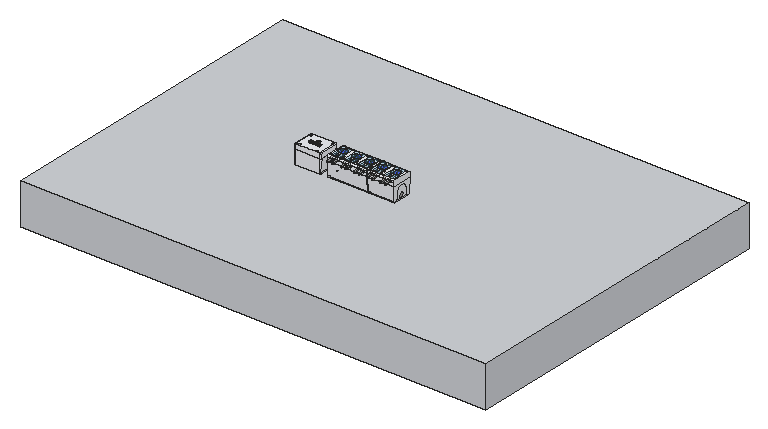
Revit family "QF_ELECTROLUXPROFESSIONAL_1LSMZW_DOSAVE", category Specialty Equipment, host Face, Revit 2014
Parameters
  OffsetPumps_4-5 [instance] = OffsetPumps + 293 mm  # 343 mm
  OffsetPumps [instance] = 50 mm
  Default Elevation = 1500 mm
Reference planes
  plane 1 "Centro (Fronte/Retro)": y = 0
  plane 2: z = 0
  plane 3 "Centro (Sinistra/Destra)": x = -2
  plane 4 "Left": x = -100
  plane 5 "Right": x = 96
  plane 6 "Display": z = 53.293
  plane 7 "Top": y = 74
  plane 8 "Low": y = -74
  plane 9 "PlanePump": z = 150.252
  plane 10 "Tube": z = 136.252
  plane 11 "DX": x = 146
  plane 12 "DX4-5": x = 439
Forms (mm)
  Extrusion 1, solid
    sketch origin (0, 0, 0) x (1, 0, 0) y (0, 1, 0)
      loop
        line (-1219.2, 1219.2) -> (-1219.2, -1219.2) -> (2232.542, -1219.2) -> (2232.542, 1219.2) -> (-1219.2, 1219.2)
    from 0 to -304.8
Dimensions and locks
  plane 7 "Top" to plane 8 "Low" = 148 mm
  plane 6 "Display" to Extrusion 1 = 53.293 mm
  plane 9 "PlanePump" to Extrusion 1 = 150.252 mm
  plane 10 "Tube" to plane 9 "PlanePump" = 14 mm
  "OffsetPumps": plane 5 "Right" to plane 11 "DX"
  "OffsetPumps_4-5": plane 5 "Right" to plane 12 "DX4-5"
  aligned and locked: Extrusion 1 to plane 2
  aligned and locked: Extrusion 1 to level
  aligned and locked: nested 1 to plane 11 "DX"
  aligned and locked: plane 12 "DX4-5" to nested 3
Automatic sketch dimensions
  Extrusion 1 sketch curve to Extrusion 1 sketch curve = 3451.742 mm
  Extrusion 1 sketch curve to Extrusion 1 sketch curve = 2438.4 mm
Nested families
  nested 1: "QF_ELECTROLUXPROFESSIONAL_EDS_3PUMPS" at (-2, 11.17, 0), type "QF_ELECTROLUXPROFESSIONAL_EDS_3PUMPS"
  nested 2: "QF_ELECTROLUXPROFESSIONAL_DOSAVE" at (0, 10.452, 0), type "QF_ELECTROLUXPROFESSIONAL_DOSAVE"
    with Show Clearance yes, OffsetPumps 0 mm
  nested 3: "QF_ELECTROLUXPROFESSIONAL_EDS_2PUMPS" at (242.5, 11.17, 0), type "QF_ELECTROLUXPROFESSIONAL_EDS_2PUMPS"
Definition of nested family "QF_ELECTROLUXPROFESSIONAL_EDS_3PUMPS"
  Parameters (values of type "QF_ELECTROLUXPROFESSIONAL_EDS_3PUMPS")
    Default Elevation = 1500 mm
  Reference planes
    plane 1 "Centro (Fronte/Retro)": y = 0
    plane 2: z = 0
    plane 3 "Centro (Sinistra/Destra)": x = 294.5
    plane 4 "Display": z = 53.293
    plane 5 "Top": y = 59.5
    plane 6 "Low": y = -59.5
    plane 7 "Left": x = 148
    plane 8 "Right": x = 441
    plane 9 "PlanePump": z = 151.252
    plane 10 "Tube": z = 136.252
    plane 11 "P1": x = 196.5
    plane 12 "P2": x = 294.5
    plane 13 "P3": x = 392.5
    plane 14 "TopBolt": z = 162.252
  Forms (mm)
    Extrusion 1, solid
      sketch origin (0, 0, 0) x (1, 0, 0) y (0, 1, 0)
        loop
          line (-1219.2, 1219.2) -> (-1219.2, -1219.2) -> (1219.2, -1219.2) -> (1219.2, 1219.2) -> (-1219.2, 1219.2)
      from 0 to -304.8
    Extrusion 2, solid, material "QF_Finishes_White"
      sketch origin (148, 0, 0) x (0, -1, 0) y (0, 0, 1)
        loop
          line (-53.719, 5) -> (76.163, 5)
          arc (76.163, 5) -> (80.332, 6.678) -> (82.176, 10.777) r 6.019
          line (82.176, 10.777) -> (86.222, 111.417) -> (-63.778, 111.417) -> (-59.732, 10.777)
          arc (-59.732, 10.777) -> (-57.888, 6.678) -> (-53.719, 5) r 6.019
      from -293 to 0
    Extrusion 3, solid, material "QF_Finishes_White"
      sketch origin (148, 0, 0) x (0, -1, 0) y (0, 0, 1)
        loop
          line (86.274, 111.417) -> (84.733, 140.828)
          arc (84.733, 140.828) -> (81.32, 148.231) -> (73.748, 151.252) r 11
          line (73.748, 151.252) -> (-51.304, 151.252)
          arc (-51.304, 151.252) -> (-58.876, 148.231) -> (-62.289, 140.828) r 11
          line (-62.289, 140.828) -> (-63.83, 111.417) -> (86.274, 111.417)
      from -293 to 0
    Extrusion 4, void
      sketch origin (148, 0, 0) x (0, -1, 0) y (0, 0, 1)
        loop
          arc (55.559, 57.996) -> (10.806, 98.293) -> (-33.948, 57.996) r 45
          line (-33.948, 57.996) -> (-36.099, 16.941) -> (-39.635, 13.406) -> (-39.635, 5) -> (61.246, 5) -> (61.246, 13.406) -> (57.711, 16.941) -> (55.559, 57.996)
      from 0 to -5
    Extrusion 5, void
      sketch origin (441, 0, 0) x (0, -1, 0) y (0, 0, 1)
        loop
          arc (55.559, 57.996) -> (10.806, 98.293) -> (-33.948, 57.996) r 45
          line (-33.948, 57.996) -> (-36.099, 16.941) -> (-39.635, 13.406) -> (-39.635, 5) -> (61.246, 5) -> (61.246, 13.406) -> (57.711, 16.941) -> (55.559, 57.996)
      from 0 to 5
    Extrusion 6, void
      sketch origin (0, 0, 151.252) x (0, -1, 0) y (1, 0, 0)
        loop
          line (86.222, 171.5) -> (86.222, 186.5) -> (28.284, 186.5)
          arc (28.284, 186.5) -> (30, 196.5) -> (28.284, 206.5) r 30
          line (28.284, 206.5) -> (86.222, 206.5) -> (86.222, 221.5) -> (16.583, 221.5)
          arc (16.583, 221.5) -> (-30, 196.5) -> (16.583, 171.5) r 30
          line (16.583, 171.5) -> (86.222, 171.5)
        loop
          circle (-38, 196.5) r 5
        loop
          line (66.003, 196.5) -> (66.003, 199.5)
          arc (66.003, 199.5) -> (64.539, 203.036) -> (61.003, 204.5) r 5
          line (61.003, 204.5) -> (40.513, 204.5)
          arc (40.513, 204.5) -> (33.183, 196.5) -> (40.513, 188.5) r 8.031
          line (40.513, 188.5) -> (61.003, 188.5)
          arc (61.003, 188.5) -> (64.539, 189.964) -> (66.003, 193.5) r 5
          line (66.003, 193.5) -> (66.003, 196.5)
        loop
          line (86.222, 269.5) -> (86.222, 284.5) -> (28.284, 284.5)
          arc (28.284, 284.5) -> (30, 294.5) -> (28.284, 304.5) r 30
          line (28.284, 304.5) -> (86.222, 304.5) -> (86.222, 319.5) -> (16.583, 319.5)
          arc (16.583, 319.5) -> (-30, 294.5) -> (16.583, 269.5) r 30
          line (16.583, 269.5) -> (86.222, 269.5)
        loop
          circle (-38, 294.5) r 5
        loop
          line (66.003, 294.5) -> (66.003, 297.5)
          arc (66.003, 297.5) -> (64.539, 301.036) -> (61.003, 302.5) r 5
          line (61.003, 302.5) -> (40.513, 302.5)
          arc (40.513, 302.5) -> (33.183, 294.5) -> (40.513, 286.5) r 8.031
          line (40.513, 286.5) -> (61.003, 286.5)
          arc (61.003, 286.5) -> (64.539, 287.964) -> (66.003, 291.5) r 5
          line (66.003, 291.5) -> (66.003, 294.5)
        loop
          line (86.222, 367.5) -> (86.222, 382.5) -> (28.284, 382.5)
          arc (28.284, 382.5) -> (30, 392.5) -> (28.284, 402.5) r 30
          line (28.284, 402.5) -> (86.222, 402.5) -> (86.222, 417.5) -> (16.583, 417.5)
          arc (16.583, 417.5) -> (-30, 392.5) -> (16.583, 367.5) r 30
          line (16.583, 367.5) -> (86.222, 367.5)
        loop
          circle (-38, 392.5) r 5
        loop
          line (66.003, 392.5) -> (66.003, 395.5)
          arc (66.003, 395.5) -> (64.539, 399.036) -> (61.003, 400.5) r 5
          line (61.003, 400.5) -> (40.513, 400.5)
          arc (40.513, 400.5) -> (33.183, 392.5) -> (40.513, 384.5) r 8.031
          line (40.513, 384.5) -> (61.003, 384.5)
          arc (61.003, 384.5) -> (64.539, 385.964) -> (66.003, 389.5) r 5
          line (66.003, 389.5) -> (66.003, 392.5)
      from 0 to -22
    Extrusion 7, solid, material "QF_Finishes_Gray"
      sketch origin (0, -59.5, 0) x (-1, 0, 0) y (0, 0, 1)
        loop
          circle (-179, 136.252) r 6
        loop
          circle (-214, 136.252) r 6
        loop
          circle (-277, 136.252) r 6
        loop
          circle (-312, 136.252) r 6
        loop
          circle (-375, 136.252) r 6
        loop
          circle (-410, 136.252) r 6
      from -61.722 to 47.876
    Extrusion 8, solid, material "QF_Finishes_Blue"
      sketch origin (0, 0, 151.252) x (0, -1, 0) y (1, 0, 0)
        loop
          circle (0, 196.5) r 27
        loop
          circle (0, 294.5) r 27
        loop
          circle (0, 392.5) r 27
      from -2.4 to -22
    Extrusion 9, solid, material "QF_Finishes_Blue"
      sketch origin (0, 0, 151.252) x (0, -1, 0) y (1, 0, 0)
        loop
          line (21.323, 213.063) -> (-26.394, 190.812)
          arc (-26.394, 190.812) -> (-24.47, 185.089) -> (-21.323, 179.937) r 27
          line (-21.323, 179.937) -> (26.394, 202.188)
          arc (26.394, 202.188) -> (24.47, 207.911) -> (21.323, 213.063) r 27
        loop
          line (21.323, 409.063) -> (-26.394, 386.812)
          arc (-26.394, 386.812) -> (-24.47, 381.089) -> (-21.323, 375.937) r 27
          line (-21.323, 375.937) -> (26.394, 398.188)
          arc (26.394, 398.188) -> (24.47, 403.911) -> (21.323, 409.063) r 27
        loop
          arc (21.323, 277.937) -> (24.47, 283.089) -> (26.394, 288.812) r 27
          line (26.394, 288.812) -> (-21.323, 311.063)
          arc (-21.323, 311.063) -> (-24.47, 305.911) -> (-26.394, 300.188) r 27
          line (-26.394, 300.188) -> (21.323, 277.937)
      from 2.767 to -2.426
    Extrusion 10, solid, material "Glass"
      sketch origin (0, 0, 151.252) x (0, -1, 0) y (1, 0, 0)
        loop
          arc (-52, 167.5) -> (-49.364, 161.136) -> (-43, 158.5) r 9
          line (-43, 158.5) -> (64, 158.5)
          arc (64, 158.5) -> (70.364, 161.136) -> (73, 167.5) r 9
          line (73, 167.5) -> (73, 225.5)
          arc (73, 225.5) -> (70.364, 231.864) -> (64, 234.5) r 9
          line (64, 234.5) -> (-43.023, 234.5)
          arc (-43.023, 234.5) -> (-49.371, 231.871) -> (-52, 225.523) r 8.977
          line (-52, 225.523) -> (-52, 167.5)
        loop
          circle (0, 196.5) r 30
        loop
          circle (-38, 196.5) r 5
        loop
          circle (40.513, 196.5) r 5
      from 0 to 2.767
    Revolve 11, solid, material "Glass"
      sketch origin (196.5, 0, 0) x (0, 1, 0) y (0, 0, 1)
        loop
          line (0, 153.019) -> (0, 160.58)
          arc (0, 160.58) -> (-15.469, 158.661) -> (-30, 153.019) r 63.298
          line (-30, 153.019) -> (0, 153.019)
        axis (0, 153.019) -> (0, 160.58)
      angle from 0 to 360
    Extrusion 12, solid, material "Glass"
      sketch origin (98, 0, 151.252) x (0, -1, 0) y (1, 0, 0)
        loop
          arc (-52, 167.5) -> (-49.364, 161.136) -> (-43, 158.5) r 9
          line (-43, 158.5) -> (64, 158.5)
          arc (64, 158.5) -> (70.364, 161.136) -> (73, 167.5) r 9
          line (73, 167.5) -> (73, 225.5)
          arc (73, 225.5) -> (70.364, 231.864) -> (64, 234.5) r 9
          line (64, 234.5) -> (-43.023, 234.5)
          arc (-43.023, 234.5) -> (-49.371, 231.871) -> (-52, 225.523) r 8.977
          line (-52, 225.523) -> (-52, 167.5)
        loop
          circle (0, 196.5) r 30
        loop
          circle (-38, 196.5) r 5
        loop
          circle (40.513, 196.5) r 5
      from 0 to 2.767
    Extrusion 13, solid, material "Glass"
      sketch origin (196, 0, 151.252) x (0, -1, 0) y (1, 0, 0)
        loop
          arc (-52, 167.5) -> (-49.364, 161.136) -> (-43, 158.5) r 9
          line (-43, 158.5) -> (64, 158.5)
          arc (64, 158.5) -> (70.364, 161.136) -> (73, 167.5) r 9
          line (73, 167.5) -> (73, 225.5)
          arc (73, 225.5) -> (70.364, 231.864) -> (64, 234.5) r 9
          line (64, 234.5) -> (-43.023, 234.5)
          arc (-43.023, 234.5) -> (-49.371, 231.871) -> (-52, 225.523) r 8.977
          line (-52, 225.523) -> (-52, 167.5)
        loop
          circle (0, 196.5) r 30
        loop
          circle (-38, 196.5) r 5
        loop
          circle (40.513, 196.5) r 5
      from 0 to 2.767
    Revolve 14, solid, material "Glass"
      sketch origin (294.5, 0, 0) x (0, 1, 0) y (0, 0, 1)
        loop
          line (0, 153.019) -> (0, 160.58)
          arc (0, 160.58) -> (-15.469, 158.661) -> (-30, 153.019) r 63.298
          line (-30, 153.019) -> (0, 153.019)
        axis (0, 153.019) -> (0, 160.58)
      angle from 0 to 360
    Revolve 15, solid, material "Glass"
      sketch origin (392.5, 0, 0) x (0, 1, 0) y (0, 0, 1)
        loop
          line (0, 159.58) -> (0, 160.58)
          arc (0, 160.58) -> (-15.469, 158.661) -> (-30, 153.019) r 63.298
          line (-30, 153.019) -> (-27.828, 153.019)
          arc (-27.828, 153.019) -> (-14.296, 157.918) -> (0, 159.58) r 62.298
        axis (0, 153.019) -> (0, 160.58)
      angle from 0 to 360
    Revolve 16, solid, material "QF_Finishes_Stainless Steel"
      sketch origin (196.5, 0, 0) x (0, 1, 0) y (0, 0, 1)
        loop
          line (43.023, 150.252) -> (43.023, 157.471)
          arc (43.023, 157.471) -> (41.143, 160.201) -> (38, 161.252) r 5.226
          line (38, 161.252) -> (38, 150.252) -> (43.023, 150.252)
        axis (38, 150.252) -> (38, 161.252)
      angle from 0 to 360
    Revolve 17, solid, material "QF_Finishes_Stainless Steel"
      sketch origin (196.5, -78.491, 0) x (0, 1, 0) y (0, 0, 1)
        loop
          line (43.023, 150.252) -> (43.023, 157.471)
          arc (43.023, 157.471) -> (41.143, 160.201) -> (38, 161.252) r 5.226
          line (38, 161.252) -> (38, 150.252) -> (43.023, 150.252)
        axis (38, 150.252) -> (38, 161.252)
      angle from 0 to 360
    Revolve 18, solid, material "QF_Finishes_Stainless Steel"
      sketch origin (294.5, 0, 0) x (0, 1, 0) y (0, 0, 1)
        loop
          line (43.023, 150.252) -> (43.023, 157.471)
          arc (43.023, 157.471) -> (41.143, 160.201) -> (38, 161.252) r 5.226
          line (38, 161.252) -> (38, 150.252) -> (43.023, 150.252)
        axis (38, 150.252) -> (38, 161.252)
      angle from 0 to 360
    Revolve 19, solid, material "QF_Finishes_Stainless Steel"
      sketch origin (294.5, 0, 0) x (0, 1, 0) y (0, 0, 1)
        loop
          line (-35.468, 150.252) -> (-35.468, 157.471)
          arc (-35.468, 157.471) -> (-37.347, 160.201) -> (-40.491, 161.252) r 5.226
          line (-40.491, 161.252) -> (-40.491, 150.252) -> (-35.468, 150.252)
        axis (-40.491, 150.252) -> (-40.491, 161.252)
      angle from 0 to 360
    Revolve 20, solid, material "QF_Finishes_Stainless Steel"
      sketch origin (392.5, 0, 0) x (0, 1, 0) y (0, 0, 1)
        loop
          line (43.023, 151.252) -> (43.023, 157.471)
          arc (43.023, 157.471) -> (41.143, 160.201) -> (38, 161.252) r 5.226
          line (38, 161.252) -> (38, 151.252) -> (43.023, 151.252)
        axis (38, 151.252) -> (38, 161.252)
      angle from 0 to 360
    Revolve 21, solid, material "QF_Finishes_Stainless Steel"
      sketch origin (392.5, 0, 0) x (0, 1, 0) y (0, 0, 1)
        loop
          line (-35.468, 151.252) -> (-35.468, 157.471)
          arc (-35.468, 157.471) -> (-37.347, 160.201) -> (-40.491, 161.252) r 5.226
          line (-40.491, 161.252) -> (-40.491, 151.252) -> (-35.468, 151.252)
        axis (-40.491, 151.252) -> (-40.491, 161.252)
      angle from 0 to 360
    Extrusion 22, solid, material "QF_Finishes_Stainless Steel"
      sketch origin (0, 0, 0) x (1, 0, 0) y (0, 1, 0)
        loop
          line (428.734, 50.33) -> (160.266, 50.33) -> (160.266, -72.33) -> (428.734, -72.33) -> (428.734, 50.33)
      from 0 to 5
    Extrusion 23, void
      sketch origin (294.5, 0, 0) x (0, 1, 0) y (0, 0, 1)
        loop
          circle (-10.806, 26.678) r 13.5
      from -141.5 to 141.5
    Extrusion 24, solid, material "QF_Finishes_Gray"
      sketch origin (294.5, 0, 0) x (0, 1, 0) y (0, 0, 1)
        loop
          circle (-10.806, 26.678) r 13.5
      from -141.5 to 141.5
    Extrusion 25, solid, material "QF_Finishes_Blue"
      sketch origin (0, 0, 151.252) x (0, -1, 0) y (1, 0, 0)
        loop
          arc (40.513, 204.5) -> (33.183, 196.5) -> (40.513, 188.5) r 8.031
          line (40.513, 188.5) -> (61.003, 188.5)
          arc (61.003, 188.5) -> (64.539, 189.964) -> (66.003, 193.5) r 5
          line (66.003, 193.5) -> (66.003, 199.5)
          arc (66.003, 199.5) -> (64.539, 203.036) -> (61.003, 204.5) r 5
          line (61.003, 204.5) -> (40.513, 204.5)
        loop
          arc (40.513, 302.5) -> (33.183, 294.5) -> (40.513, 286.5) r 8.031
          line (40.513, 286.5) -> (61.003, 286.5)
          arc (61.003, 286.5) -> (64.539, 287.964) -> (66.003, 291.5) r 5
          line (66.003, 291.5) -> (66.003, 297.5)
          arc (66.003, 297.5) -> (64.539, 301.036) -> (61.003, 302.5) r 5
          line (61.003, 302.5) -> (40.513, 302.5)
        loop
          arc (40.513, 400.5) -> (33.183, 392.5) -> (40.513, 384.5) r 8.031
          line (40.513, 384.5) -> (61.003, 384.5)
          arc (61.003, 384.5) -> (64.539, 385.964) -> (66.003, 389.5) r 5
          line (66.003, 389.5) -> (66.003, 395.5)
          arc (66.003, 395.5) -> (64.539, 399.036) -> (61.003, 400.5) r 5
          line (61.003, 400.5) -> (40.513, 400.5)
      from 0 to 1.8
  Cuts and joins
    Extrusion 4, Extrusion 5, Extrusion 6, Extrusion 23 cuts Extrusion 2
    Extrusion 6 cuts Extrusion 3
  Lines and regions (mm)
    symbolic lines
      curve 1: line (441, 0, 5) -> (441, 0, 111.417)
      curve 2: line (441, 0, 111.417) -> (441, 0, 150.252)
      curve 3: line (148, 0, 150.252) -> (148, 0, 111.417)
      curve 4: line (148, 0, 111.417) -> (148, 0, 5)
      curve 5: line (430.5, 0, 153.019) -> (354.5, 0, 153.019)
      curve 6: line (441, 0, 111.417) -> (148, 0, 111.417)
      curve 7: line (148, 0, 5) -> (441, 0, 5)
      curve 8: line (441, 0, 150.252) -> (148, 0, 150.252)
      curve 9: line (430.5, 0, 150.252) -> (430.5, 0, 153.019)
      curve 10: line (354.5, 0, 150.252) -> (354.5, 0, 153.019)
      curve 11: line (397.523, 0, 157.471) -> (387.477, 0, 157.471)
      curve 12: line (387.477, 0, 157.471) -> (387.477, 0, 153.019)
      curve 13: line (397.523, 0, 157.471) -> (397.523, 0, 153.019)
      curve 14: arc (397.523, 0, 157.471) -> (392.5, 0, 161.264) -> (387.477, 0, 157.471) r 5.222
      curve 15: arc (362.491, 0, 153.019) -> (375.749, 0, 158.344) -> (389.866, 0, 160.55) r 63.114
      curve 16: arc (395.136, 0, 160.55) -> (409.242, 0, 158.341) -> (422.491, 0, 153.019) r 63.114
      curve 17: line (332.5, 0, 153.019) -> (256.5, 0, 153.019)
      curve 18: line (332.5, 0, 150.252) -> (332.5, 0, 153.019)
      curve 19: line (256.5, 0, 150.252) -> (256.5, 0, 153.019)
      curve 20: line (299.523, 0, 157.471) -> (289.477, 0, 157.471)
      curve 21: line (289.477, 0, 157.471) -> (289.477, 0, 153.019)
      curve 22: line (299.523, 0, 157.471) -> (299.523, 0, 153.019)
      curve 23: arc (299.523, 0, 157.471) -> (294.5, 0, 161.264) -> (289.477, 0, 157.471) r 5.222
      curve 24: arc (264.491, 0, 153.019) -> (277.749, 0, 158.344) -> (291.866, 0, 160.55) r 63.114
      curve 25: arc (297.136, 0, 160.55) -> (311.242, 0, 158.341) -> (324.491, 0, 153.019) r 63.114
      curve 26: line (234.5, 0, 153.019) -> (158.5, 0, 153.019)
      curve 27: line (234.5, 0, 150.252) -> (234.5, 0, 153.019)
      curve 28: line (158.5, 0, 150.252) -> (158.5, 0, 153.019)
      curve 29: line (201.523, 0, 157.471) -> (191.477, 0, 157.471)
      curve 30: line (191.477, 0, 157.471) -> (191.477, 0, 153.019)
      curve 31: line (201.523, 0, 157.471) -> (201.523, 0, 153.019)
      curve 32: arc (201.523, 0, 157.471) -> (196.5, 0, 161.264) -> (191.477, 0, 157.471) r 5.222
      curve 33: arc (166.491, 0, 153.019) -> (179.749, 0, 158.344) -> (193.866, 0, 160.55) r 63.114
      curve 34: arc (199.136, 0, 160.55) -> (213.242, 0, 158.341) -> (226.491, 0, 153.019) r 63.114
      curve 35: line (428.734, 0, 5) -> (428.734, 0, 0)
      curve 36: line (160.266, 0, 5) -> (160.266, 0, 0)
  Dimensions and locks
    plane 4 "Display" to Extrusion 1 = 53.293 mm
    plane 9 "PlanePump" to Extrusion 1 = 151.252 mm
    plane 7 "Left" to plane 8 "Right" = 293 mm
    cut or joined group of Extrusion 3, Extrusion 6 to Extrusion 7 = 34.948 mm
    plane 9 "PlanePump" to plane 14 "TopBolt" = 11 mm
    Extrusion 1 to plane 14 "TopBolt" = 162.252 mm
    aligned and locked: plane 2 to Extrusion 1
    aligned and locked: level to Extrusion 1
    aligned and locked: cut or joined group of Extrusion 2, Extrusion 4, Extrusion 5, Extrusion 6, Extrusion 23 to plane 8 "Right"
    aligned and locked: plane 7 "Left" to cut or joined group of Extrusion 2, Extrusion 4, Extrusion 5, Extrusion 6, Extrusion 23
    aligned and locked: plane 7 "Left" to Extrusion 3
    aligned and locked: Extrusion 3 to plane 8 "Right"
Definition of nested family "QF_ELECTROLUXPROFESSIONAL_DOSAVE"
  Parameters (values of type "QF_ELECTROLUXPROFESSIONAL_DOSAVE")
    Show Clearance [instance] = yes
    OffsetPumps [instance] = 0 mm
    Default Elevation = 1500 mm
  Reference planes
    plane 1 "Centro (Fronte/Retro)": y = 0
    plane 2: z = 0
    plane 3 "Centro (Sinistra/Destra)": x = -2
    plane 4 "Left": x = -100
    plane 5 "Right": x = 95.956
    plane 6 "Display": z = 53.293
    plane 7 "Top": y = 63.6
    plane 8 "Low": y = -84.505
    plane 9 "Front": z = 145
    plane 10 "Tube": z = 107.026
  Forms (mm)
    Extrusion 1, solid
      sketch origin (0, 0, 0) x (1, 0, 0) y (0, 1, 0)
        loop
          line (-1219.2, 1219.2) -> (-1219.2, -1219.2) -> (1219.2, -1219.2) -> (1219.2, 1219.2) -> (-1219.2, 1219.2)
      from 0 to -304.8
    Extrusion 2, solid, material "QF_Finishes_White"
      sketch origin (0, 0, 0) x (1, 0, 0) y (0, 1, 0)
        loop
          line (-2.022, 63.6) -> (-2.022, -84.505) -> (85.956, -84.505)
          arc (85.956, -84.505) -> (93.027, -81.576) -> (95.956, -74.505) r 10
          line (95.956, -74.505) -> (95.956, 53.6)
          arc (95.956, 53.6) -> (93.027, 60.671) -> (85.956, 63.6) r 10
          line (85.956, 63.6) -> (-2.022, 63.6)
      from 107.026 to 145
    Extrusion 3, void
      sketch origin (0, 0, 0) x (1, 0, 0) y (0, 0, 1)
        loop
          line (95.956, 145) -> (86.374, 145)
          arc (86.374, 145) -> (91.881, 142.803) -> (94.364, 137.419) r 8
          line (94.364, 137.419) -> (95.956, 107.026) -> (95.956, 145)
      from -63.6 to 84.505
    Extrusion 4, solid, material "QF_Finishes_White"
      sketch origin (-4, 0, 0) x (-1, 0, 0) y (0, -1, 0)
        loop
          line (-2.022, -63.6) -> (85.956, -63.6)
          arc (85.956, -63.6) -> (93.027, -60.671) -> (95.956, -53.6) r 10
          line (95.956, -53.6) -> (95.956, 74.505)
          arc (95.956, 74.505) -> (93.027, 81.576) -> (85.956, 84.505) r 10
          line (85.956, 84.505) -> (-2.022, 84.505) -> (-2.022, -63.6)
      from 107.026 to 145
    Extrusion 5, void
      sketch origin (-4, 0, 0) x (-1, 0, 0) y (0, 0, -1)
        loop
          line (95.956, -145) -> (95.956, -107.026) -> (94.364, -137.419)
          arc (94.364, -137.419) -> (91.881, -142.803) -> (86.374, -145) r 8
          line (86.374, -145) -> (95.956, -145)
      from -63.6 to 84.505
    Extrusion 6, void
      sketch origin (0, 0, 148) x (1, 0, 0) y (0, 0, 1)
        loop
          line (95.956, -145) -> (95.956, -45) -> (94.373, -137.137)
          arc (94.373, -137.137) -> (91.983, -142.705) -> (86.374, -145) r 8
          line (86.374, -145) -> (95.956, -145)
      from -63.6 to 84.505
    Extrusion 7, void
      sketch origin (-4, 0, 148) x (-1, 0, 0) y (0, 0, -1)
        loop
          line (95.956, 145) -> (86.374, 145)
          arc (86.374, 145) -> (91.983, 142.705) -> (94.373, 137.137) r 8
          line (94.373, 137.137) -> (95.956, 45) -> (95.956, 145)
      from -63.6 to 84.505
    Extrusion 8, solid, material "QF_Finishes_White"
      sketch origin (0, 0, 0) x (1, 0, 0) y (0, 1, 0)
        loop
          line (-2.022, 63.6) -> (-2.022, -84.505) -> (85.956, -84.505)
          arc (85.956, -84.505) -> (93.027, -81.576) -> (95.956, -74.505) r 10
          line (95.956, -74.505) -> (95.956, 53.6)
          arc (95.956, 53.6) -> (93.027, 60.671) -> (85.956, 63.6) r 10
          line (85.956, 63.6) -> (-2.022, 63.6)
      from 107.026 to 3
    Extrusion 9, solid, material "QF_Finishes_White"
      sketch origin (-4, 0, 0) x (-1, 0, 0) y (0, -1, 0)
        loop
          line (-2.022, -63.6) -> (85.956, -63.6)
          arc (85.956, -63.6) -> (93.027, -60.671) -> (95.956, -53.6) r 10
          line (95.956, -53.6) -> (95.956, 74.505)
          arc (95.956, 74.505) -> (93.027, 81.576) -> (85.956, 84.505) r 10
          line (85.956, 84.505) -> (-2.022, 84.505) -> (-2.022, -63.6)
      from 107.026 to 3
    Extrusion 10, void
      sketch origin (0, 0, 0) x (1, 0, 0) y (0, 1, 0)
        loop
          circle (78.956, 46.6) r 5
        loop
          circle (63.956, -77.505) r 5
      from 140 to 145
    Extrusion 11, void
      sketch origin (0, 0, 0) x (1, 0, 0) y (0, 1, 0)
        loop
          circle (-82.956, 46.6) r 5
        loop
          circle (-67.956, -77.505) r 5
      from 140 to 145
    Extrusion 12, solid, material "QF_Finishes_Stainless Steel"
      sketch origin (0, 0, 145) x (0, -1, 0) y (1, 0, 0)
        loop
          line (-51.173, -83.956) -> (-47.6, -83.956) -> (-47.6, -87.529)
          arc (-47.6, -87.529) -> (-46.6, -87.637) -> (-45.6, -87.529) r 4.681
          line (-45.6, -87.529) -> (-45.6, -83.956) -> (-42.027, -83.956)
          arc (-42.027, -83.956) -> (-41.919, -82.956) -> (-42.027, -81.956) r 4.681
          line (-42.027, -81.956) -> (-45.6, -81.956) -> (-45.6, -78.383)
          arc (-45.6, -78.383) -> (-46.6, -78.275) -> (-47.6, -78.383) r 4.681
          line (-47.6, -78.383) -> (-47.6, -81.956) -> (-51.173, -81.956)
          arc (-51.173, -81.956) -> (-51.281, -82.956) -> (-51.173, -83.956) r 4.681
      from 0 to -5
    Extrusion 13, solid, material "QF_Finishes_Stainless Steel"
      sketch origin (-4, 0, 145) x (0, -1, 0) y (1, 0, 0)
        loop
          arc (-51.173, 83.956) -> (-51.281, 82.956) -> (-51.173, 81.956) r 4.681
          line (-51.173, 81.956) -> (-47.6, 81.956) -> (-47.6, 78.383)
          arc (-47.6, 78.383) -> (-46.6, 78.275) -> (-45.6, 78.383) r 4.681
          line (-45.6, 78.383) -> (-45.6, 81.956) -> (-42.027, 81.956)
          arc (-42.027, 81.956) -> (-41.919, 82.956) -> (-42.027, 83.956) r 4.681
          line (-42.027, 83.956) -> (-45.6, 83.956) -> (-45.6, 87.529)
          arc (-45.6, 87.529) -> (-46.6, 87.637) -> (-47.6, 87.529) r 4.681
          line (-47.6, 87.529) -> (-47.6, 83.956) -> (-51.173, 83.956)
      from 0 to -5
    Extrusion 14, solid, material "QF_Finishes_Stainless Steel"
      sketch origin (15, -30.905, 145) x (0, 1, 0) y (-1, 0, 0)
        loop
          arc (-51.173, 83.956) -> (-51.281, 82.956) -> (-51.173, 81.956) r 4.681
          line (-51.173, 81.956) -> (-47.6, 81.956) -> (-47.6, 78.383)
          arc (-47.6, 78.383) -> (-46.6, 78.275) -> (-45.6, 78.383) r 4.681
          line (-45.6, 78.383) -> (-45.6, 81.956) -> (-42.027, 81.956)
          arc (-42.027, 81.956) -> (-41.919, 82.956) -> (-42.027, 83.956) r 4.681
          line (-42.027, 83.956) -> (-45.6, 83.956) -> (-45.6, 87.529)
          arc (-45.6, 87.529) -> (-46.6, 87.637) -> (-47.6, 87.529) r 4.681
          line (-47.6, 87.529) -> (-47.6, 83.956) -> (-51.173, 83.956)
      from 0 to -5
    Extrusion 15, solid, material "QF_Finishes_Stainless Steel"
      sketch origin (146.956, -30.905, 145) x (0, 1, 0) y (-1, 0, 0)
        loop
          arc (-51.173, 83.956) -> (-51.281, 82.956) -> (-51.173, 81.956) r 4.681
          line (-51.173, 81.956) -> (-47.6, 81.956) -> (-47.6, 78.383)
          arc (-47.6, 78.383) -> (-46.6, 78.275) -> (-45.6, 78.383) r 4.681
          line (-45.6, 78.383) -> (-45.6, 81.956) -> (-42.027, 81.956)
          arc (-42.027, 81.956) -> (-41.919, 82.956) -> (-42.027, 83.956) r 4.681
          line (-42.027, 83.956) -> (-45.6, 83.956) -> (-45.6, 87.529)
          arc (-45.6, 87.529) -> (-46.6, 87.637) -> (-47.6, 87.529) r 4.681
          line (-47.6, 87.529) -> (-47.6, 83.956) -> (-51.173, 83.956)
      from 0 to -5
    Extrusion 16, solid, material "QF_Finishes_White"
      sketch origin (0, 0, 0) x (1, 0, 0) y (0, 1, 0)
        loop
          circle (-67.037, 30.637) r 20
        loop
          circle (63.037, 30.637) r 20
        loop
          circle (-67.037, -51.542) r 20
        loop
          circle (63.037, -51.542) r 20
      from 0 to 3
    Extrusion 17, solid, material "QF_Finishes_Black"
      sketch origin (0, 0, 145) x (0, -1, 0) y (1, 0, 0)
        loop
          spline (14.338, -41.018) -> (14.329, -41.217) -> (14.302, -41.429) -> (14.252, -41.649) -> (14.177, -41.87) -> (14.072, -42.087) -> (13.936, -42.294) -> (13.764, -42.485) -> (13.552, -42.655) -> (13.299, -42.797) -> (13, -42.905) -> (12.652, -42.975) -> (12.252, -42.999)
          line (12.252, -42.999) -> (10.477, -42.999) -> (10.477, -37.14) -> (8.214, -37.14) -> (8.214, -43) -> (4.92, -43) -> (4.92, -36.767) -> (2.663, -36.767) -> (2.663, -45.398) -> (12.149, -45.398)
          spline (12.149, -45.398) -> (12.733, -45.377) -> (13.283, -45.311) -> (13.797, -45.201) -> (14.275, -45.045) -> (14.713, -44.841) -> (15.11, -44.588) -> (15.464, -44.285) -> (15.773, -43.931) -> (16.036, -43.525) -> (16.25, -43.065) -> (16.414, -42.55) -> (16.525, -41.979)
          line (16.525, -41.979) -> (16.592, -41.038) -> (16.592, -36.6) -> (14.338, -36.6) -> (14.338, -41.018)
        loop
          line (9.245, -34.896) -> (16.596, -34.896) -> (16.596, -32.497) -> (2.66, -32.497) -> (2.66, -34.896) -> (9.245, -34.896)
        loop
          spline (11.301, -20.617) -> (10.606, -20.658) -> (9.94, -20.779) -> (9.309, -20.975) -> (8.72, -21.244) -> (8.178, -21.583) -> (7.688, -21.988) -> (7.258, -22.456) -> (6.893, -22.983) -> (6.598, -23.566) -> (6.381, -24.202) -> (6.246, -24.887) -> (6.2, -25.618)
          spline (6.2, -25.618) -> (6.243, -26.365) -> (6.371, -27.075) -> (6.58, -27.742) -> (6.867, -28.361) -> (7.229, -28.927) -> (7.662, -29.435) -> (8.163, -29.879) -> (8.73, -30.255) -> (9.359, -30.556) -> (10.046, -30.777) -> (10.788, -30.914) -> (11.583, -30.961)
          spline (11.583, -30.961) -> (12.358, -30.915) -> (13.083, -30.782) -> (13.754, -30.566) -> (14.368, -30.27) -> (14.922, -29.9) -> (15.412, -29.458) -> (15.836, -28.95) -> (16.19, -28.379) -> (16.471, -27.751) -> (16.676, -27.068) -> (16.801, -26.336) -> (16.844, -25.558)
          spline (16.844, -25.558) -> (16.835, -25.178) -> (16.806, -24.803) -> (16.756, -24.432) -> (16.683, -24.066) -> (16.585, -23.704) -> (16.46, -23.346) -> (16.306, -22.993) -> (16.121, -22.645) -> (15.903, -22.301) -> (15.652, -21.963) -> (15.363, -21.629) -> (15.036, -21.3)
          line (15.036, -21.3) -> (13.63, -22.746)
          spline (13.63, -22.746) -> (13.814, -22.937) -> (13.982, -23.128) -> (14.134, -23.322) -> (14.272, -23.521) -> (14.393, -23.726) -> (14.499, -23.938) -> (14.589, -24.161) -> (14.663, -24.394) -> (14.721, -24.641) -> (14.762, -24.903) -> (14.787, -25.181) -> (14.795, -25.477)
          spline (14.795, -25.477) -> (14.774, -25.911) -> (14.711, -26.319) -> (14.607, -26.697) -> (14.465, -27.045) -> (14.286, -27.362) -> (14.072, -27.644) -> (13.825, -27.891) -> (13.546, -28.1) -> (13.236, -28.271) -> (12.898, -28.4) -> (12.534, -28.487) -> (12.144, -28.53)
          line (12.144, -28.53) -> (12.144, -20.657) -> (11.301, -20.617)
        loop
          spline (10.457, -23.067) -> (10.161, -23.091) -> (9.875, -23.159) -> (9.604, -23.268) -> (9.349, -23.416) -> (9.114, -23.6) -> (8.901, -23.816) -> (8.713, -24.061) -> (8.553, -24.332) -> (8.424, -24.626) -> (8.328, -24.941) -> (8.269, -25.273) -> (8.248, -25.618)
          spline (8.248, -25.618) -> (8.268, -25.989) -> (8.327, -26.345) -> (8.421, -26.685) -> (8.549, -27.004) -> (8.707, -27.301) -> (8.893, -27.571) -> (9.105, -27.812) -> (9.34, -28.02) -> (9.595, -28.194) -> (9.868, -28.328) -> (10.157, -28.421) -> (10.457, -28.47)
          line (10.457, -28.47) -> (10.457, -23.067)
        loop
          spline (11.522, -16.989) -> (11.075, -16.961) -> (10.652, -16.881) -> (10.255, -16.751) -> (9.887, -16.574) -> (9.551, -16.355) -> (9.25, -16.095) -> (8.987, -15.799) -> (8.765, -15.468) -> (8.587, -15.108) -> (8.457, -14.72) -> (8.376, -14.308) -> (8.349, -13.876)
          spline (8.349, -13.876) -> (8.357, -13.61) -> (8.382, -13.356) -> (8.422, -13.113) -> (8.479, -12.879) -> (8.551, -12.655) -> (8.637, -12.44) -> (8.739, -12.233) -> (8.854, -12.034) -> (8.984, -11.842) -> (9.127, -11.657) -> (9.284, -11.479) -> (9.453, -11.305)
          line (9.453, -11.305) -> (7.907, -9.819)
          spline (7.907, -9.819) -> (7.611, -10.115) -> (7.345, -10.419) -> (7.108, -10.732) -> (6.9, -11.054) -> (6.72, -11.383) -> (6.566, -11.719) -> (6.438, -12.063) -> (6.336, -12.413) -> (6.257, -12.77) -> (6.202, -13.133) -> (6.17, -13.502) -> (6.159, -13.876)
          spline (6.159, -13.876) -> (6.206, -14.625) -> (6.342, -15.343) -> (6.562, -16.023) -> (6.862, -16.659) -> (7.237, -17.244) -> (7.681, -17.772) -> (8.189, -18.236) -> (8.757, -18.63) -> (9.379, -18.948) -> (10.051, -19.183) -> (10.767, -19.328) -> (11.522, -19.378)
          spline (11.522, -19.378) -> (12.277, -19.328) -> (12.993, -19.183) -> (13.664, -18.948) -> (14.287, -18.63) -> (14.854, -18.236) -> (15.363, -17.772) -> (15.807, -17.244) -> (16.181, -16.659) -> (16.481, -16.023) -> (16.702, -15.343) -> (16.838, -14.625) -> (16.884, -13.876)
          spline (16.884, -13.876) -> (16.874, -13.502) -> (16.841, -13.133) -> (16.786, -12.77) -> (16.708, -12.413) -> (16.605, -12.063) -> (16.477, -11.719) -> (16.324, -11.383) -> (16.143, -11.054) -> (15.935, -10.732) -> (15.699, -10.419) -> (15.433, -10.115) -> (15.137, -9.819)
          line (15.137, -9.819) -> (13.59, -11.305)
          spline (13.59, -11.305) -> (13.76, -11.479) -> (13.916, -11.657) -> (14.059, -11.842) -> (14.189, -12.034) -> (14.305, -12.233) -> (14.406, -12.44) -> (14.493, -12.655) -> (14.565, -12.879) -> (14.621, -13.113) -> (14.662, -13.356) -> (14.687, -13.61) -> (14.695, -13.876)
          spline (14.695, -13.876) -> (14.667, -14.308) -> (14.587, -14.72) -> (14.456, -15.108) -> (14.278, -15.468) -> (14.057, -15.799) -> (13.794, -16.095) -> (13.493, -16.355) -> (13.157, -16.574) -> (12.789, -16.751) -> (12.391, -16.881) -> (11.968, -16.961) -> (11.522, -16.989)
        loop
          spline (14.341, -3.702) -> (14.344, -3.914) -> (14.328, -4.14) -> (14.289, -4.376) -> (14.223, -4.615) -> (14.125, -4.852) -> (13.993, -5.08) -> (13.823, -5.293) -> (13.609, -5.485) -> (13.349, -5.651) -> (13.039, -5.784) -> (12.675, -5.879) -> (12.252, -5.929)
          line (12.252, -5.929) -> (8.698, -5.929) -> (8.698, -3.747) -> (6.518, -3.747) -> (6.518, -5.926) -> (2.66, -5.926) -> (2.66, -8.325) -> (12.389, -8.325)
          spline (12.389, -8.325) -> (12.953, -8.274) -> (13.484, -8.181) -> (13.979, -8.045) -> (14.438, -7.866) -> (14.857, -7.642) -> (15.236, -7.372) -> (15.571, -7.055) -> (15.863, -6.689) -> (16.108, -6.275) -> (16.306, -5.81) -> (16.454, -5.293) -> (16.55, -4.724)
          line (16.55, -4.724) -> (16.596, -3.711) -> (14.341, -3.702)
        loop
          spline (6.378, 4.37) -> (6.353, 3.955) -> (6.36, 3.555) -> (6.399, 3.172) -> (6.47, 2.807) -> (6.57, 2.46) -> (6.698, 2.134) -> (6.855, 1.828) -> (7.038, 1.544) -> (7.247, 1.283) -> (7.481, 1.047) -> (7.738, 0.836) -> (8.017, 0.651)
          line (8.017, 0.651) -> (6.519, 0.651) -> (6.519, -1.728) -> (16.595, -1.728) -> (16.595, 0.651) -> (11.297, 0.651)
          spline (11.297, 0.651) -> (10.895, 0.673) -> (10.521, 0.737) -> (10.175, 0.843) -> (9.859, 0.987) -> (9.576, 1.17) -> (9.325, 1.388) -> (9.109, 1.642) -> (8.929, 1.928) -> (8.786, 2.245) -> (8.682, 2.592) -> (8.619, 2.968) -> (8.598, 3.37)
          line (8.598, 3.37) -> (8.698, 4.37) -> (6.378, 4.37)
        loop
          spline (11.557, 15.734) -> (10.818, 15.684) -> (10.113, 15.538) -> (9.449, 15.302) -> (8.831, 14.984) -> (8.265, 14.589) -> (7.756, 14.125) -> (7.309, 13.597) -> (6.932, 13.012) -> (6.628, 12.377) -> (6.404, 11.698) -> (6.266, 10.983) -> (6.219, 10.236)
          spline (6.219, 10.236) -> (6.266, 9.485) -> (6.404, 8.766) -> (6.628, 8.086) -> (6.932, 7.451) -> (7.309, 6.866) -> (7.756, 6.339) -> (8.265, 5.876) -> (8.831, 5.483) -> (9.449, 5.166) -> (10.113, 4.932) -> (10.818, 4.787) -> (11.557, 4.737)
          spline (11.557, 4.737) -> (12.296, 4.787) -> (13, 4.932) -> (13.664, 5.166) -> (14.282, 5.483) -> (14.849, 5.876) -> (15.358, 6.339) -> (15.804, 6.866) -> (16.182, 7.451) -> (16.486, 8.086) -> (16.71, 8.766) -> (16.848, 9.485) -> (16.895, 10.236)
          spline (16.895, 10.236) -> (16.848, 10.983) -> (16.71, 11.698) -> (16.486, 12.377) -> (16.182, 13.012) -> (15.804, 13.597) -> (15.358, 14.125) -> (14.849, 14.589) -> (14.282, 14.984) -> (13.664, 15.302) -> (13, 15.538) -> (12.296, 15.684) -> (11.557, 15.734)
        loop
          spline (11.557, 13.354) -> (11.121, 13.327) -> (10.705, 13.246) -> (10.312, 13.115) -> (9.947, 12.937) -> (9.612, 12.716) -> (9.31, 12.455) -> (9.045, 12.158) -> (8.821, 11.827) -> (8.641, 11.466) -> (8.508, 11.078) -> (8.426, 10.667) -> (8.398, 10.236)
          spline (8.398, 10.236) -> (8.426, 9.801) -> (8.508, 9.387) -> (8.641, 8.998) -> (8.821, 8.637) -> (9.045, 8.306) -> (9.31, 8.009) -> (9.612, 7.75) -> (9.947, 7.531) -> (10.312, 7.355) -> (10.705, 7.225) -> (11.121, 7.145) -> (11.557, 7.117)
          spline (11.557, 7.117) -> (11.993, 7.145) -> (12.409, 7.225) -> (12.801, 7.355) -> (13.167, 7.531) -> (13.502, 7.75) -> (13.804, 8.009) -> (14.069, 8.306) -> (14.293, 8.637) -> (14.473, 8.998) -> (14.606, 9.387) -> (14.688, 9.801) -> (14.716, 10.236)
          spline (14.716, 10.236) -> (14.688, 10.667) -> (14.606, 11.078) -> (14.473, 11.466) -> (14.293, 11.827) -> (14.069, 12.158) -> (13.804, 12.455) -> (13.502, 12.716) -> (13.167, 12.937) -> (12.801, 13.115) -> (12.409, 13.246) -> (11.993, 13.327) -> (11.557, 13.354)
        loop
          line (9.005, 17.21) -> (16.596, 17.21) -> (16.596, 19.61) -> (2.66, 19.61) -> (2.66, 17.21) -> (9.005, 17.21)
        loop
          line (6.519, 28.263) -> (12.376, 28.263)
          spline (12.376, 28.263) -> (12.757, 28.244) -> (13.1, 28.187) -> (13.407, 28.096) -> (13.678, 27.973) -> (13.914, 27.818) -> (14.116, 27.636) -> (14.284, 27.427) -> (14.42, 27.194) -> (14.525, 26.938) -> (14.598, 26.664) -> (14.642, 26.371) -> (14.656, 26.063)
          spline (14.656, 26.063) -> (14.642, 25.755) -> (14.598, 25.463) -> (14.525, 25.188) -> (14.421, 24.933) -> (14.286, 24.7) -> (14.118, 24.491) -> (13.918, 24.309) -> (13.684, 24.154) -> (13.416, 24.031) -> (13.112, 23.94) -> (12.773, 23.883) -> (12.397, 23.864)
          line (12.397, 23.864) -> (6.519, 23.864) -> (6.519, 21.445) -> (12.597, 21.445)
          spline (12.597, 21.445) -> (13.286, 21.487) -> (13.912, 21.612) -> (14.477, 21.812) -> (14.981, 22.081) -> (15.424, 22.415) -> (15.806, 22.807) -> (16.128, 23.25) -> (16.391, 23.74) -> (16.595, 24.27) -> (16.74, 24.835) -> (16.827, 25.428) -> (16.856, 26.044)
          spline (16.856, 26.044) -> (16.826, 26.664) -> (16.739, 27.262) -> (16.591, 27.831) -> (16.385, 28.366) -> (16.118, 28.86) -> (15.791, 29.307) -> (15.403, 29.702) -> (14.954, 30.039) -> (14.443, 30.311) -> (13.87, 30.513) -> (13.235, 30.638) -> (12.537, 30.681)
          line (12.537, 30.681) -> (6.519, 30.681) -> (6.519, 28.263)
        loop
          line (13.373, 39.759) -> (11.257, 38.246) -> (8.705, 40.12) -> (6.519, 41.725) -> (6.519, 39.106) -> (9.538, 36.926) -> (6.519, 34.727) -> (6.519, 32.128) -> (8.557, 33.618) -> (11.277, 35.607) -> (14.179, 33.523) -> (16.596, 31.788) -> (16.596, 34.367) -> (13.036, 36.926) -> (16.596, 39.485) -> (16.596, 42.064) -> (13.373, 39.759)
        loop
          line (18.788, -44.049) -> (18.788, -45.905) -> (23.605, -45.905) -> (23.605, -44.915) -> (21.973, -44.915) -> (21.973, -44.049)
          arc (21.973, -44.049) -> (20.38, -42.456) -> (18.788, -44.049) r 1.592
        loop
          line (19.698, -44.089) -> (19.698, -44.915) -> (21.062, -44.915) -> (21.062, -44.089)
          arc (21.062, -44.089) -> (20.38, -43.407) -> (19.698, -44.089) r 0.682
        loop
          line (18.788, -36.49) -> (18.788, -38.38) -> (23.605, -38.38) -> (23.605, -37.389) -> (21.946, -37.389) -> (22.097, -36.6) -> (23.605, -35.684) -> (23.605, -34.56) -> (21.702, -35.716)
          arc (21.702, -35.716) -> (21.139, -35.112) -> (20.341, -34.901) r 1.487
          arc (20.341, -34.901) -> (19.24, -35.379) -> (18.788, -36.49) r 1.59
        loop
          arc (21.042, -36.577) -> (20.402, -35.904) -> (19.698, -36.51) r 0.674
          line (19.698, -36.51) -> (19.698, -37.389) -> (21.042, -37.389) -> (21.042, -36.577)
        loop
          circle (21.196, -28.41) r 2.502
        loop
          circle (21.196, -28.41) r 1.588
        loop
          line (18.788, -21.764) -> (23.605, -21.764) -> (23.605, -20.773) -> (21.625, -20.773) -> (21.625, -18.961) -> (20.714, -18.961) -> (20.714, -20.773) -> (19.698, -20.773) -> (19.698, -18.787) -> (18.788, -18.787) -> (18.788, -21.764)
        loop
          line (18.788, -14.7) -> (22.043, -14.7)
          arc (22.043, -14.7) -> (23.146, -14.256) -> (23.605, -13.158) r 1.542
          line (23.605, -13.158) -> (23.605, -11.602) -> (22.695, -11.602) -> (22.695, -13.118)
          arc (22.695, -13.118) -> (22.209, -13.573) -> (21.558, -13.71) r 1.234
          line (21.558, -13.71) -> (21.558, -11.783) -> (20.647, -11.783) -> (20.647, -13.71) -> (19.698, -13.71) -> (19.698, -11.649) -> (18.788, -11.649) -> (18.788, -14.7)
        loop
          line (20.051, -5.123) -> (19.563, -4.411)
          arc (19.563, -4.411) -> (18.92, -5.071) -> (18.708, -5.968) r 1.725
          arc (18.708, -5.968) -> (18.827, -6.564) -> (19.129, -7.093) r 1.911
          arc (19.129, -7.093) -> (19.43, -7.343) -> (19.805, -7.455) r 0.981
          arc (19.805, -7.455) -> (20.243, -7.444) -> (20.668, -7.334) r 1.921
          arc (20.668, -7.334) -> (21.132, -6.905) -> (21.426, -6.345) r 1.866
          arc (21.426, -6.345) -> (21.747, -5.57) -> (22.523, -5.249) r 1.097
          arc (22.523, -5.249) -> (22.775, -5.79) -> (22.667, -6.377) r 0.983
          arc (22.667, -6.377) -> (22.433, -6.784) -> (22.039, -7.04) r 1
          line (22.039, -7.04) -> (22.514, -7.796)
          arc (22.514, -7.796) -> (23.009, -7.497) -> (23.387, -7.058) r 1.853
          arc (23.387, -7.058) -> (23.625, -6.503) -> (23.685, -5.902) r 1.997
          arc (23.685, -5.902) -> (23.537, -5.16) -> (23.182, -4.491) r 2.609
          arc (23.182, -4.491) -> (22.396, -4.195) -> (21.57, -4.348) r 1.567
          arc (21.57, -4.348) -> (21.19, -4.677) -> (20.915, -5.099) r 1.816
          arc (20.915, -5.099) -> (20.677, -5.632) -> (20.472, -6.178) r 9.567
          arc (20.472, -6.178) -> (19.981, -6.494) -> (19.617, -6.038) r 0.436
          arc (19.617, -6.038) -> (19.729, -5.53) -> (20.051, -5.123) r 1.159
        loop
          line (20.051, 2.155) -> (19.563, 2.866)
          arc (19.563, 2.866) -> (18.92, 2.207) -> (18.708, 1.31) r 1.725
          arc (18.708, 1.31) -> (18.827, 0.714) -> (19.129, 0.185) r 1.911
          arc (19.129, 0.185) -> (19.43, -0.065) -> (19.805, -0.177) r 0.981
          arc (19.805, -0.177) -> (20.243, -0.166) -> (20.668, -0.056) r 1.921
          arc (20.668, -0.056) -> (21.132, 0.373) -> (21.426, 0.932) r 1.866
          arc (21.426, 0.932) -> (21.747, 1.708) -> (22.523, 2.029) r 1.097
          arc (22.523, 2.029) -> (22.775, 1.488) -> (22.667, 0.901) r 0.983
          arc (22.667, 0.901) -> (22.433, 0.493) -> (22.039, 0.238) r 1
          line (22.039, 0.238) -> (22.514, -0.519)
          arc (22.514, -0.519) -> (23.009, -0.219) -> (23.387, 0.219) r 1.853
          arc (23.387, 0.219) -> (23.625, 0.775) -> (23.685, 1.375) r 1.997
          arc (23.685, 1.375) -> (23.537, 2.118) -> (23.182, 2.787) r 2.609
          arc (23.182, 2.787) -> (22.396, 3.082) -> (21.57, 2.93) r 1.567
          arc (21.57, 2.93) -> (21.19, 2.6) -> (20.915, 2.179) r 1.816
          arc (20.915, 2.179) -> (20.677, 1.646) -> (20.472, 1.099) r 9.567
          arc (20.472, 1.099) -> (19.981, 0.783) -> (19.617, 1.24) r 0.436
          arc (19.617, 1.24) -> (19.729, 1.747) -> (20.051, 2.155) r 1.159
        loop
          line (18.788, 7.18) -> (23.605, 7.18) -> (23.605, 8.171) -> (18.788, 8.171) -> (18.788, 7.18)
        loop
          circle (21.196, 14.85) r 1.498
        loop
          circle (21.196, 14.85) r 2.502
        loop
          line (23.605, 21.495) -> (23.605, 22.496) -> (20.576, 22.496) -> (23.605, 24.7) -> (23.605, 25.663) -> (18.788, 25.663) -> (18.788, 24.662) -> (21.908, 24.662) -> (18.788, 22.459) -> (18.788, 21.495) -> (23.605, 21.495)
        loop
          line (23.605, 30.657) -> (22.566, 31.127) -> (22.566, 32.909) -> (23.605, 33.378) -> (23.605, 34.442) -> (18.634, 32.018) -> (23.605, 29.594) -> (23.605, 30.657)
        loop
          line (20.589, 32.018) -> (21.577, 31.571) -> (21.577, 32.464) -> (20.589, 32.018)
        loop
          line (22.695, 39.362) -> (18.788, 39.362) -> (18.788, 38.372) -> (23.605, 38.372) -> (23.605, 41.215) -> (22.695, 41.215) -> (22.695, 39.362)
        loop
          line (0.62, -12.484) -> (0.62, 8.484) -> (-20.319, 8.484) -> (-20.319, -12.484) -> (0.62, -12.484)
        loop
          line (-19.291, 0.8) -> (-0.451, 0.8)
          arc (-0.451, 0.8) -> (-9.871, 7.764) -> (-19.291, 0.8) r 9.853
        loop
          line (-17.927, -0.158) -> (-19.291, -0.158)
          arc (-19.291, -0.158) -> (-17.51, -7.994) -> (-10.417, -11.769) r 9.656
          line (-10.417, -11.769) -> (-10.417, -8.652)
          arc (-10.417, -8.652) -> (-12.677, -3.084) -> (-17.927, -0.158) r 9.051
        loop
          arc (-9.325, -11.769) -> (-2.173, -8) -> (-0.209, -0.158) r 9.909
          line (-0.209, -0.158) -> (-1.815, -0.158)
          arc (-1.815, -0.158) -> (-7.065, -3.084) -> (-9.325, -8.652) r 9.051
          line (-9.325, -8.652) -> (-9.325, -11.769)
      from 0 to 1.6
  Cuts and joins
    Extrusion 3, Extrusion 5, Extrusion 6, Extrusion 7, Extrusion 10, Extrusion 11 cuts Extrusion 2
    Extrusion 5, Extrusion 6, Extrusion 7, Extrusion 11 cuts Extrusion 4
    joined: Extrusion 2, Extrusion 4
    Extrusion 6, Extrusion 10 cuts Extrusion 8
    Extrusion 7, Extrusion 10 cuts Extrusion 9
    joined: Extrusion 8, Extrusion 9
  Lines and regions (mm)
    symbolic lines
      curve 1: arc (86.374, 0, 145) -> (91.881, 0, 142.803) -> (94.364, 0, 137.419) r 8
      curve 2: line (86.374, 0, 145) -> (-90.374, 0, 145)
      curve 3: arc (-98.364, 0, 137.419) -> (-95.881, 0, 142.803) -> (-90.374, 0, 145) r 8
      curve 4: line (94.364, 0, 137.419) -> (95.956, 0, 107.026)
      curve 5: line (95.956, 0, 107.026) -> (-99.956, 0, 107.026)
      curve 6: line (-99.956, 0, 107.026) -> (-98.364, 0, 137.419)
      curve 7: line (-98.373, 0, 10.863) -> (-99.956, 0, 103)
      curve 8: line (95.956, 0, 103) -> (94.373, 0, 10.863)
      curve 9: arc (94.373, 0, 10.863) -> (91.983, 0, 5.295) -> (86.374, 0, 3) r 8
      curve 10: line (-90.374, 0, 3) -> (86.374, 0, 3)
      curve 11: arc (-90.374, 0, 3) -> (-95.983, 0, 5.295) -> (-98.373, 0, 10.863) r 8
      curve 12: line (83.037, 0, 3) -> (83.037, 0, 0)
      curve 13: line (43.037, 0, 3) -> (43.037, 0, 0)
      curve 14: line (-87.037, 0, 3) -> (-87.037, 0, 0)
      curve 15: line (-47.037, 0, 3) -> (-47.037, 0, 0)
      curve 16: line (95.956, 0, 107.026) -> (95.956, 0, 103)
      curve 17: line (-99.956, 0, 107.026) -> (-99.956, 0, 103)
  Dimensions and locks
    plane 7 "Top" to plane 8 "Low" = 148.105 mm
    plane 6 "Display" to Extrusion 1 = 53.293 mm
    plane 9 "Front" to Extrusion 1 = 145 mm
    plane 10 "Tube" to plane 9 "Front" = 37.974 mm
    plane 4 "Left" to plane 5 "Right" = 195.956 mm
    level to plane 9 "Front" = 145 mm
    aligned and locked: plane 2 to Extrusion 1
    aligned and locked: level to Extrusion 1
    aligned and locked: Extrusion 2 sketch curve to plane 7 "Top"
    aligned and locked: Extrusion 2 sketch curve to plane 8 "Low"
    aligned and locked: plane 5 "Right" to Extrusion 2 sketch curve
Definition of nested family "QF_ELECTROLUXPROFESSIONAL_EDS_2PUMPS"
  Parameters (values of type "QF_ELECTROLUXPROFESSIONAL_EDS_2PUMPS")
    Default Elevation = 1500 mm
  Reference planes
    plane 1 "Centro (Fronte/Retro)": y = 0
    plane 2: z = 0
    plane 3 "Centro (Sinistra/Destra)": x = 294.5
    plane 4 "Display": z = 53.293
    plane 5 "Top": y = 59.5
    plane 6 "Low": y = -59.5
    plane 7 "Left": x = 196.5
    plane 8 "Right": x = 392.5
    plane 9 "PlanePump": z = 151.252
    plane 10 "Tube": z = 136.252
    plane 11 "P1": x = 245
    plane 12 "P2": x = 294.5
    plane 13 "P3": x = 344
    plane 14 "TopBolt": z = 162.252
  Forms (mm)
    Extrusion 1, solid
      sketch origin (0, 0, 0) x (1, 0, 0) y (0, 1, 0)
        loop
          line (-1219.2, 1219.2) -> (-1219.2, -1219.2) -> (1219.2, -1219.2) -> (1219.2, 1219.2) -> (-1219.2, 1219.2)
      from 0 to -304.8
    Extrusion 2, solid, material "QF_Finishes_White"
      sketch origin (196.5, 0, 0) x (0, -1, 0) y (0, 0, 1)
        loop
          line (-53.719, 5) -> (76.163, 5)
          arc (76.163, 5) -> (80.332, 6.678) -> (82.176, 10.777) r 6.019
          line (82.176, 10.777) -> (86.222, 111.417) -> (-63.778, 111.417) -> (-59.732, 10.777)
          arc (-59.732, 10.777) -> (-57.888, 6.678) -> (-53.719, 5) r 6.019
      from -196 to 0
    Extrusion 3, solid, material "QF_Finishes_White"
      sketch origin (196.5, 0, 0) x (0, -1, 0) y (0, 0, 1)
        loop
          line (86.274, 111.417) -> (84.733, 140.828)
          arc (84.733, 140.828) -> (81.32, 148.231) -> (73.748, 151.252) r 11
          line (73.748, 151.252) -> (-51.304, 151.252)
          arc (-51.304, 151.252) -> (-58.876, 148.231) -> (-62.289, 140.828) r 11
          line (-62.289, 140.828) -> (-63.83, 111.417) -> (86.274, 111.417)
      from -196 to 0
    Extrusion 4, void
      sketch origin (196.5, 0, 0) x (0, -1, 0) y (0, 0, 1)
        loop
          arc (55.559, 57.996) -> (10.806, 98.293) -> (-33.948, 57.996) r 45
          line (-33.948, 57.996) -> (-36.099, 16.941) -> (-39.635, 13.406) -> (-39.635, 5) -> (61.246, 5) -> (61.246, 13.406) -> (57.711, 16.941) -> (55.559, 57.996)
      from 0 to -5
    Extrusion 5, void
      sketch origin (392.5, 0, 0) x (0, -1, 0) y (0, 0, 1)
        loop
          arc (55.559, 57.996) -> (10.806, 98.293) -> (-33.948, 57.996) r 45
          line (-33.948, 57.996) -> (-36.099, 16.941) -> (-39.635, 13.406) -> (-39.635, 5) -> (61.246, 5) -> (61.246, 13.406) -> (57.711, 16.941) -> (55.559, 57.996)
      from 0 to 5
    Extrusion 6, solid, material "QF_Finishes_Gray"
      sketch origin (0, -59.5, 0) x (-1, 0, 0) y (0, 0, 1)
        loop
          circle (-227.5, 136.252) r 6
        loop
          circle (-262.5, 136.252) r 6
        loop
          circle (-326.5, 136.252) r 6
        loop
          circle (-361.5, 136.252) r 6
      from -61.722 to 47.876
    Extrusion 7, solid, material "QF_Finishes_Blue"
      sketch origin (0, 0, 151.252) x (0, -1, 0) y (1, 0, 0)
        loop
          circle (0, 245) r 27
        loop
          circle (0, 344) r 27
      from -2.4 to -22
    Extrusion 8, solid, material "QF_Finishes_Blue"
      sketch origin (0, 0, 151.252) x (0, -1, 0) y (1, 0, 0)
        loop
          line (21.323, 261.563) -> (-26.394, 239.312)
          arc (-26.394, 239.312) -> (-24.47, 233.589) -> (-21.323, 228.437) r 27
          line (-21.323, 228.437) -> (26.394, 250.688)
          arc (26.394, 250.688) -> (24.47, 256.411) -> (21.323, 261.563) r 27
        loop
          line (21.323, 360.563) -> (-26.394, 338.312)
          arc (-26.394, 338.312) -> (-24.47, 332.589) -> (-21.323, 327.437) r 27
          line (-21.323, 327.437) -> (26.394, 349.688)
          arc (26.394, 349.688) -> (24.47, 355.411) -> (21.323, 360.563) r 27
      from 2.767 to -2.426
    Extrusion 9, solid, material "Glass"
      sketch origin (48.5, 0, 151.252) x (0, -1, 0) y (1, 0, 0)
        loop
          arc (-52, 167.5) -> (-49.364, 161.136) -> (-43, 158.5) r 9
          line (-43, 158.5) -> (64, 158.5)
          arc (64, 158.5) -> (70.364, 161.136) -> (73, 167.5) r 9
          line (73, 167.5) -> (73, 225.5)
          arc (73, 225.5) -> (70.364, 231.864) -> (64, 234.5) r 9
          line (64, 234.5) -> (-43.023, 234.5)
          arc (-43.023, 234.5) -> (-49.371, 231.871) -> (-52, 225.523) r 8.977
          line (-52, 225.523) -> (-52, 167.5)
        loop
          circle (0, 196.5) r 30
        loop
          circle (-38, 196.5) r 5
        loop
          circle (40.513, 196.5) r 5
      from 0 to 2.767
    Revolve 10, solid, material "Glass"
      sketch origin (245, 0, 0) x (0, 1, 0) y (0, 0, 1)
        loop
          line (0, 153.019) -> (0, 160.58)
          arc (0, 160.58) -> (-15.469, 158.661) -> (-30, 153.019) r 63.298
          line (-30, 153.019) -> (0, 153.019)
        axis (0, 153.019) -> (0, 160.58)
      angle from 0 to 360
    Extrusion 11, solid, material "Glass"
      sketch origin (147.5, 0, 151.252) x (0, -1, 0) y (1, 0, 0)
        loop
          arc (-52, 167.5) -> (-49.364, 161.136) -> (-43, 158.5) r 9
          line (-43, 158.5) -> (64, 158.5)
          arc (64, 158.5) -> (70.364, 161.136) -> (73, 167.5) r 9
          line (73, 167.5) -> (73, 225.5)
          arc (73, 225.5) -> (70.364, 231.864) -> (64, 234.5) r 9
          line (64, 234.5) -> (-43.023, 234.5)
          arc (-43.023, 234.5) -> (-49.371, 231.871) -> (-52, 225.523) r 8.977
          line (-52, 225.523) -> (-52, 167.5)
        loop
          circle (0, 196.5) r 30
        loop
          circle (-38, 196.5) r 5
        loop
          circle (40.513, 196.5) r 5
      from 0 to 2.767
    Revolve 12, solid, material "Glass"
      sketch origin (344, 0, 0) x (0, 1, 0) y (0, 0, 1)
        loop
          line (0, 159.58) -> (0, 160.58)
          arc (0, 160.58) -> (-15.469, 158.661) -> (-30, 153.019) r 63.298
          line (-30, 153.019) -> (-27.828, 153.019)
          arc (-27.828, 153.019) -> (-14.296, 157.918) -> (0, 159.58) r 62.298
        axis (0, 153.019) -> (0, 160.58)
      angle from 0 to 360
    Revolve 13, solid, material "QF_Finishes_Stainless Steel"
      sketch origin (245, 0, 0) x (0, 1, 0) y (0, 0, 1)
        loop
          line (43.023, 150.252) -> (43.023, 157.471)
          arc (43.023, 157.471) -> (41.143, 160.201) -> (38, 161.252) r 5.226
          line (38, 161.252) -> (38, 150.252) -> (43.023, 150.252)
        axis (38, 150.252) -> (38, 161.252)
      angle from 0 to 360
    Revolve 14, solid, material "QF_Finishes_Stainless Steel"
      sketch origin (245, -78.491, 0) x (0, 1, 0) y (0, 0, 1)
        loop
          line (43.023, 150.252) -> (43.023, 157.471)
          arc (43.023, 157.471) -> (41.143, 160.201) -> (38, 161.252) r 5.226
          line (38, 161.252) -> (38, 150.252) -> (43.023, 150.252)
        axis (38, 150.252) -> (38, 161.252)
      angle from 0 to 360
    Revolve 15, solid, material "QF_Finishes_Stainless Steel"
      sketch origin (344, 0, 0) x (0, 1, 0) y (0, 0, 1)
        loop
          line (43.023, 151.252) -> (43.023, 157.471)
          arc (43.023, 157.471) -> (41.143, 160.201) -> (38, 161.252) r 5.226
          line (38, 161.252) -> (38, 151.252) -> (43.023, 151.252)
        axis (38, 151.252) -> (38, 161.252)
      angle from 0 to 360
    Revolve 16, solid, material "QF_Finishes_Stainless Steel"
      sketch origin (344, 0, 0) x (0, 1, 0) y (0, 0, 1)
        loop
          line (-35.468, 151.252) -> (-35.468, 157.471)
          arc (-35.468, 157.471) -> (-37.347, 160.201) -> (-40.491, 161.252) r 5.226
          line (-40.491, 161.252) -> (-40.491, 151.252) -> (-35.468, 151.252)
        axis (-40.491, 151.252) -> (-40.491, 161.252)
      angle from 0 to 360
    Extrusion 17, solid, material "QF_Finishes_Stainless Steel"
      sketch origin (0, 0, 0) x (1, 0, 0) y (0, 1, 0)
        loop
          line (387.5, 50.33) -> (201.5, 50.33) -> (201.5, -72.33) -> (387.5, -72.33) -> (387.5, 50.33)
      from 0 to 5
    Extrusion 18, void
      sketch origin (392.5, 0, 0) x (0, -1, 0) y (0, 0, 1)
        loop
          circle (10.806, 26.678) r 13.5
      from 0 to 293
    Extrusion 19, solid, material "QF_Finishes_Gray"
      sketch origin (294.5, 0, 0) x (0, 1, 0) y (0, 0, 1)
        loop
          circle (-10.806, 26.678) r 13.5
      from -93 to 93
    Extrusion 20, void
      sketch origin (0, 0, 151.252) x (0, -1, 0) y (1, 0, 0)
        loop
          line (86.222, 220) -> (86.222, 235) -> (28.284, 235)
          arc (28.284, 235) -> (30, 245) -> (28.284, 255) r 30
          line (28.284, 255) -> (86.222, 255) -> (86.222, 270) -> (16.583, 270)
          arc (16.583, 270) -> (-30, 245) -> (16.583, 220) r 30
          line (16.583, 220) -> (86.222, 220)
        loop
          circle (-38, 245) r 5
        loop
          line (66.003, 245) -> (66.003, 248)
